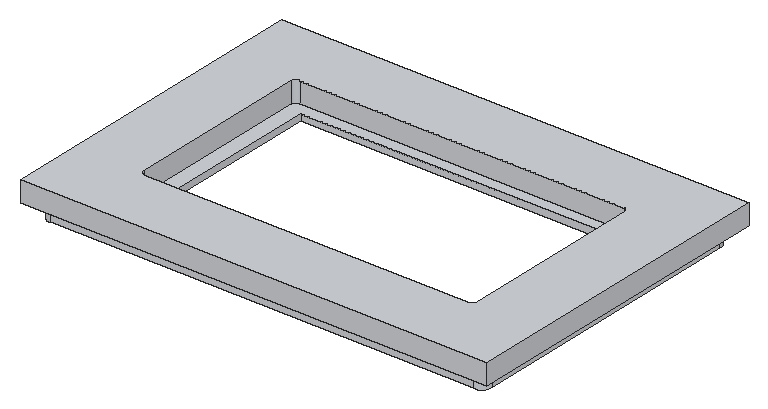
Revit family "Gira_100112", category Electrical Fixtures, host Face, Revit 2017
Family settings
  Host = Face
  Maintain Annotation Orientation = No
  Round Connector Dimension = Use Diameter
  Part Type = Normal
  Cut with Voids When Loaded = No
  Shared = No
  Room Calculation Point = No
Parameters (values of type "Abdeckrahmen 1,5f Gira Esprit G Weiß")
  Werkstoffgüte = "Echtglas"
  Werkstoff = "Glas"
  URL = "http://katalog.gira.de/de_DE/datenblatt.html?artikelnr=100112"
  Transparent = "No"
  Textfeld/Beschriftungsfläche = "No"
  Schutzart (IP) = "IP20"
  Region = "DE"
  Oberfläche = "sonstige"
  Name = "Abdeckrahmen 1,5f Gira Esprit G Weiß"
  Montagerichtung = "horizontal und vertikal"
  Mit Montagerahmen = "No"
  Mit Klappdeckel = "No"
  Manufacturer URL = "https://www.gira.de/"
  Keynote = "Espr._Rahmen_1,5fach"
  HeinzeBIM = "https://bimportal.heinze.de/bim/abdeckrahmen-1-5f-gira-esprit-g-weiss/b57f49e48b9684983c55bb2776ed610a24c8ddf5"
  Halogenfrei = "Yes"
  HAN = "100112"
  Geeignet für Unterputz-Installation = "Yes"
  Geeignet für Unterflurkanaldose = "No"
  Geeignet für Geräteeinbaukanal = "No"
  Geeignet für Einbauinstallation = "No"
  GTIN = "4010337881384"
  Farbe = "weiß"
  Default Elevation = 1219.2 mm
  Data sheet (1) = "https://katalog.gira.de/de_DE/download.html?artikelnr=100112"
  Category = "Abdeckrahmen"
  Befestigungsart = "Klemmbefestigung"
  Available = "Yes"
  Anzahl der Einheiten vertikal = "1,5 "
  Anzahl der Einheiten horizontal = "1,5 "
  Anzahl der Einheiten = "1 "
Reference planes
  plane 1 "Center (Front/Back)": y = 0
  plane 2: z = 0
  plane 3 "Center (Left/Right)": x = 0
Forms (mm)
  Extrusion 1, solid, detail levels fine
    sketch origin (0, 0, 0) x (1, 0, 0) y (0, 1, 0)
      loop
        line (-67.75, 47.5) -> (-67.75, -47.5) -> (67.75, -47.5) -> (67.75, 47.5) -> (-67.75, 47.5)
      loop
        arc (-48.5, -26.7) -> (-48.061, -27.761) -> (-47, -28.2) r 1.5
        line (-47, -28.2) -> (47, -28.2)
        arc (47, -28.2) -> (48.061, -27.761) -> (48.5, -26.7) r 1.5
        line (48.5, -26.7) -> (48.5, 26.7)
        arc (48.5, 26.7) -> (48.061, 27.761) -> (47, 28.2) r 1.5
        line (47, 28.2) -> (-47, 28.2)
        arc (-47, 28.2) -> (-48.061, 27.761) -> (-48.5, 26.7) r 1.5
        line (-48.5, 26.7) -> (-48.5, -26.7)
    from 0 to 6
  Extrusion 2, solid, detail levels fine
    sketch origin (0, 0, 0) x (1, 0, 0) y (0, 1, 0)
      loop
        arc (-61.479, 44.4) -> (-63.615, 43.515) -> (-64.5, 41.379) r 3.021
        line (-64.5, 41.379) -> (-64.5, -41.379)
        arc (-64.5, -41.379) -> (-63.615, -43.515) -> (-61.479, -44.4) r 3.021
        line (-61.479, -44.4) -> (61.479, -44.4)
        arc (61.479, -44.4) -> (63.615, -43.515) -> (64.5, -41.379) r 3.021
        line (64.5, -41.379) -> (64.5, 41.379)
        arc (64.5, 41.379) -> (63.615, 43.515) -> (61.479, 44.4) r 3.021
        line (61.479, 44.4) -> (-61.479, 44.4)
      loop
        arc (-61.4, 43.1) -> (-62.673, 42.573) -> (-63.2, 41.3) r 1.8
        line (-63.2, 41.3) -> (-63.2, -41.4)
        arc (-63.2, -41.4) -> (-62.673, -42.673) -> (-61.4, -43.2) r 1.8
        line (-61.4, -43.2) -> (61.4, -43.2)
        arc (61.4, -43.2) -> (62.673, -42.673) -> (63.2, -41.4) r 1.8
        line (63.2, -41.4) -> (63.2, 41.3)
        arc (63.2, 41.3) -> (62.673, 42.573) -> (61.4, 43.1) r 1.8
        line (61.4, 43.1) -> (-61.4, 43.1)
    from -4.1 to 0
  Extrusion 3, solid, detail levels fine
    sketch origin (0, 0, 0) x (1, 0, 0) y (0, 1, 0)
      loop
        arc (-63.2, -41.4) -> (-62.673, -42.673) -> (-61.4, -43.2) r 1.8
        line (-61.4, -43.2) -> (61.4, -43.2)
        arc (61.4, -43.2) -> (62.673, -42.673) -> (63.2, -41.4) r 1.8
        line (63.2, -41.4) -> (63.2, 41.3)
        arc (63.2, 41.3) -> (62.673, 42.573) -> (61.4, 43.1) r 1.8
        line (61.4, 43.1) -> (-61.4, 43.1)
        arc (-61.4, 43.1) -> (-62.673, 42.573) -> (-63.2, 41.3) r 1.8
        line (-63.2, 41.3) -> (-63.2, -41.4)
      loop
        line (44, -24.75) -> (44, 24.75) -> (-44, 24.75) -> (-44, -24.75) -> (44, -24.75)
    from -1.9 to 0
  Extrusion 4, solid, detail levels medium
    sketch origin (0, 0, 0) x (1, 0, 0) y (0, 1, 0)
      loop
        line (-67.75, 47.5) -> (-67.75, -47.5) -> (67.75, -47.5) -> (67.75, 47.5) -> (-67.75, 47.5)
    from 0 to 6
  Extrusion 5, solid, detail levels medium
    sketch origin (0, 0, 0) x (1, 0, 0) y (0, 1, 0)
      loop
        line (-64.5, 44.4) -> (-64.5, -44.4) -> (64.5, -44.4) -> (64.5, 44.4) -> (-64.5, 44.4)
    from -4.1 to 0
  Extrusion 6, solid, detail levels coarse
    sketch origin (0, 0, 0) x (1, 0, 0) y (0, 1, 0)
      loop
        line (-67.75, 47.5) -> (-67.75, -47.5) -> (67.75, -47.5) -> (67.75, 47.5) -> (-67.75, 47.5)
    from -4.1 to 6
Dimensions and locks
  aligned and locked: plane 2 to host face
  aligned and locked: level to host face
